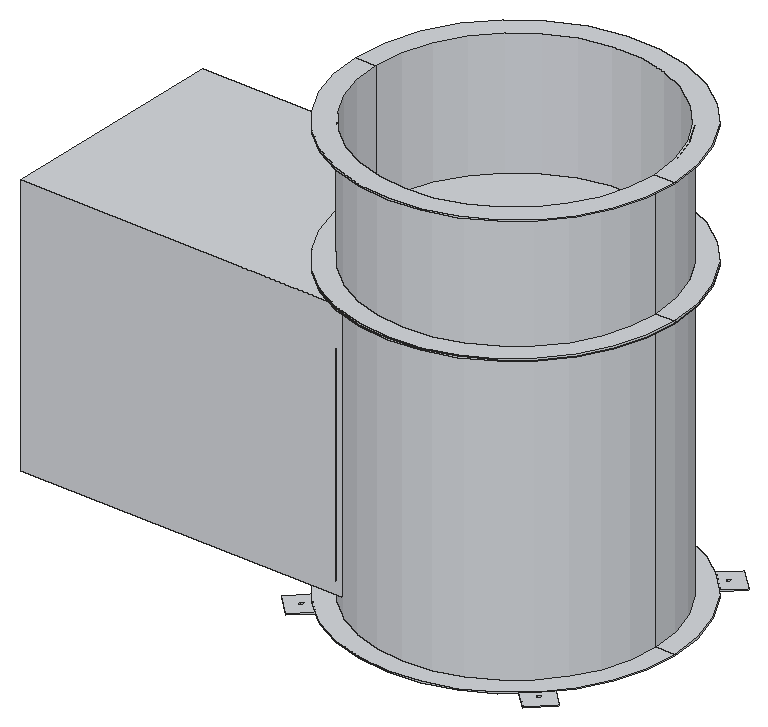
Revit family "AFBV-H_Upblast_Floor_Mount", category Mechanical Equipment, Revit 2019
Family settings
  Round Connector Dimension = Use Radius
  Part Type = Normal
  Work Plane-Based = No
  Always vertical = Yes
  Cut with Voids When Loaded = No
  Shared = No
  Room Calculation Point = No
Parameters (values of type "28_AFBV-H_UPBLAST_FLOOR")
  VANE = 1' - 1"
  Unit Weight [instance] = ""
  ModelID [instance] = ""
  L/2 = L / 2  # 1' - 0 5/16"
  L = 2' - 0 5/8"
  K/2 = K / 2  # 0' - 0 3/16"
  K = 0' - 0 3/8"
  J/2 = J / 2  # 1' - 5 13/32"
  Accessories [instance] = ""
  45 = 45.00°  # constant formula
  (L-1")/2 = (L - 0' 1") / 2  # 0' - 11 13/16"
  (J+(J-A))/2 = (J + ((J - A) / 2)) / 2  # 1' - 6 57/64"
  J = 2' - 10 13/16"
  CENTER = 0' - 0"  # constant formula
  H-(A/2) = H - (A / 2)  # 2' - 3 7/16"
  H+J = H + CENTER  # 3' - 5 7/8"
  H = 3' - 5 7/8"
  Sones [instance] = ""
  Motor RPM [instance] = ""
  Motor Enclosure [instance] = ""
  LwA [instance] = ""
  G = 6' - 0"
  Fan RPM [instance] = ""
  F/2 = F / 2  # 0' - 0 7/32"
  F = 0' - 0 7/16"
  E/2 = E / 2  # 1' - 3 1/2"
  E-2" = E - 0' 2"  # 2' - 5"
  E = 2' - 7"
  C/2+J = C / 2 + CENTER  # 1' - 3 7/16"
  C/2 = C / 2  # 1' - 3 7/16"
  C = 2' - 6 7/8"
  B/2 = B / 2  # 1' - 4 9/16"
  B = 2' - 9 1/8"
  A/3 = A / 2.5  # 0' - 11.55"
  A/2 = A / 2  # 1' - 2 7/16"
  A = 2' - 4 7/8"
  60 = 60.00°  # constant formula
  30 = 30.00°  # constant formula
  3" = 0' - 3"  # constant formula
  Brake Hp [instance] = ""
  4" = 0' - 4"  # constant formula
  2' = 2' - 0"
  2" = 0' - 2"  # constant formula
  1" = 0' - 1"  # constant formula
  0 = 0' - 0"  # constant formula
  Voltage [instance] = 0 V
  URL = "www.lorencook.com"
  Type Comments = "Tube Axial Fan Upblast Floor Mount High Temperature Construction Belt Drive Arrangement 9"  # constant formula
  Static Pressure [instance] = 0.00 in-wg
  Power [instance] = Voltage * Motor FLA * sqrt(if(Phase = 3, 3, 1))  # 0 VA
  Phase [instance] = 0
  Number of Poles [instance] = 1
  Motor Hp [instance] = "0"
  Motor FLA [instance] = 0 A
  Model = "AFBV-H"  # constant formula
  Manufacturer = "Loren Cook Company"
  CFM [instance] = 0 CFM
  1.5 = 0' - 1 1/2"  # constant formula
  ONE EIGTH = 0' - 0 1/8"  # constant formula
  -E/2 = -E / 2  # -1' - 3 1/2"
  -(E-.25")/2 = -(E - 0' 0 1/4") / 2  # -1' - 3 3/8"
  (K/2)-((J-A-.25")/2) = (K / 2) - ((J - A - 0' 0 1/4") / 2)  # -0' - 2 21/32"
  (J-A-.25") = (J - A - 0' 0 1/4")  # 0' - 5 11/16"
  (H-(A/2))/2 = (H - (A / 2)) / 2  # 1' - 1 23/32"
  (E-.25")/2 = (E - 0' 0 1/4") / 2  # 1' - 3 3/8"
  (A+.25")/2 = (A + 0' 0 1/4") / 2  # 1' - 2 9/16"
Types (10): name | VANE | L/2 | L | K/2 | K | J/2 | (L-1")/2 | (J+(J-A))/2 | J | H-(A/2) | H+J | H | F/2 | F | E/2 | E-2" | E | C/2+J | C/2 | C | B/2 | B | A/3 | A/2 | A | -E/2 | -(E-.25")/2 | (K/2)-((J-A-.25")/2) | (J-A-.25") | (H-(A/2))/2 | (E-.25")/2 | (A+.25")/2
  (no name) | 1' - 1" | 1' - 0 5/16" | 2' - 0 5/8" | 0' - 0 3/16" | 0' - 0 3/8" | 1' - 5 13/32" | 0' - 11 13/16" | 1' - 6 57/64" | 2' - 10 13/16" | 2' - 3 7/16" | 3' - 5 7/8" | 3' - 5 7/8" | 0' - 0 7/32" | 0' - 0 7/16" | 1' - 3 1/2" | 2' - 5" | 2' - 7" | 1' - 3 7/16" | 1' - 3 7/16" | 2' - 6 7/8" | 1' - 4 9/16" | 2' - 9 1/8" | 0' - 11.55" | 1' - 2 7/16" | 2' - 4 7/8" | -1' - 3 1/2" | -1' - 3 3/8" | -0' - 2 21/32" | 0' - 5 11/16" | 1' - 1 23/32" | 1' - 3 3/8" | 1' - 2 9/16"
  12_AFBV-H_UPBLAST_FLOOR | 0' - 6" | 0' - 6 3/8" | 1' - 0 3/4" | 0' - 0 3/16" | 0' - 0 3/8" | 0' - 9 1/32" | 0' - 5 7/8" | 0' - 10 21/64" | 1' - 6 1/16" | 1' - 6 3/16" | 2' - 0 5/8" | 2' - 0 5/8" | 0' - 0 5/32" | 0' - 0 5/16" | 0' - 11" | 1' - 8" | 1' - 10" | 0' - 7 5/16" | 0' - 7 5/16" | 1' - 2 5/8" | 0' - 7 13/16" | 1' - 3 5/8" | 0' - 5.15" | 0' - 6 7/16" | 1' - 0 7/8" | -0' - 11" | -0' - 10 7/8" | -0' - 2 9/32" | 0' - 4 15/16" | 0' - 9 3/32" | 0' - 10 7/8" | 0' - 6 9/16"
  16_AFBV-H_UPBLAST_FLOOR | 0' - 10" | 0' - 7 13/16" | 1' - 3 5/8" | 0' - 0 3/16" | 0' - 0 3/8" | 0' - 11 1/32" | 0' - 7 5/16" | 1' - 0 21/64" | 1' - 10 1/16" | 1' - 9 11/16" | 2' - 6 1/8" | 2' - 6 1/8" | 0' - 0 5/32" | 0' - 0 5/16" | 1' - 0 1/2" | 1' - 11" | 2' - 1" | 0' - 9 5/16" | 0' - 9 5/16" | 1' - 6 5/8" | 0' - 9 13/16" | 1' - 7 5/8" | 0' - 6 3/4" | 0' - 8 7/16" | 1' - 4 7/8" | -1' - 0 1/2" | -1' - 0 3/8" | -0' - 2 9/32" | 0' - 4 15/16" | 0' - 10 27/32" | 1' - 0 3/8" | 0' - 8 9/16"
  18_AFBV-H_UPBLAST_FLOOR | 0' - 11" | 0' - 8 1/2" | 1' - 5" | 0' - 0 3/16" | 0' - 0 3/8" | 1' - 0 1/32" | 0' - 8" | 1' - 1 21/64" | 2' - 0 1/16" | 1' - 9 11/16" | 2' - 7 1/8" | 2' - 7 1/8" | 0' - 0 5/32" | 0' - 0 5/16" | 1' - 0 1/2" | 1' - 11" | 2' - 1" | 0' - 10 5/16" | 0' - 10 5/16" | 1' - 8 5/8" | 0' - 10 13/16" | 1' - 9 5/8" | 0' - 7.55" | 0' - 9 7/16" | 1' - 6 7/8" | -1' - 0 1/2" | -1' - 0 3/8" | -0' - 2 9/32" | 0' - 4 15/16" | 0' - 10 27/32" | 1' - 0 3/8" | 0' - 9 9/16"
  24_AFBV-H_UPBLAST_FLOOR | 1' - 1" | 0' - 10 7/8" | 1' - 9 3/4" | 0' - 0 3/16" | 0' - 0 3/8" | 1' - 3 13/32" | 0' - 10 3/8" | 1' - 4 57/64" | 2' - 6 13/16" | 2' - 3 7/16" | 3' - 3 7/8" | 3' - 3 7/8" | 0' - 0 7/32" | 0' - 0 7/16" | 1' - 3 1/2" | 2' - 5" | 2' - 7" | 1' - 1 7/16" | 1' - 1 7/16" | 2' - 2 7/8" | 1' - 2 9/16" | 2' - 5 1/8" | 0' - 9.95" | 1' - 0 7/16" | 2' - 0 7/8" | -1' - 3 1/2" | -1' - 3 3/8" | -0' - 2 21/32" | 0' - 5 11/16" | 1' - 1 23/32" | 1' - 3 3/8" | 1' - 0 9/16"
  28_AFBV-H_UPBLAST_FLOOR | 1' - 1" | 1' - 0 5/16" | 2' - 0 5/8" | 0' - 0 3/16" | 0' - 0 3/8" | 1' - 5 13/32" | 0' - 11 13/16" | 1' - 6 57/64" | 2' - 10 13/16" | 2' - 3 7/16" | 3' - 5 7/8" | 3' - 5 7/8" | 0' - 0 7/32" | 0' - 0 7/16" | 1' - 3 1/2" | 2' - 5" | 2' - 7" | 1' - 3 7/16" | 1' - 3 7/16" | 2' - 6 7/8" | 1' - 4 9/16" | 2' - 9 1/8" | 0' - 11.55" | 1' - 2 7/16" | 2' - 4 7/8" | -1' - 3 1/2" | -1' - 3 3/8" | -0' - 2 21/32" | 0' - 5 11/16" | 1' - 1 23/32" | 1' - 3 3/8" | 1' - 2 9/16"
  32_AFBV-H_UPBLAST_FLOOR | 1' - 3" | 1' - 2 1/8" | 2' - 4 1/4" | 0' - 0 7/32" | 0' - 0 7/16" | 1' - 7 31/32" | 1' - 1 5/8" | 1' - 9 45/64" | 3' - 3 15/16" | 2' - 4 3/4" | 3' - 9 1/4" | 3' - 9 1/4" | 0' - 0 7/32" | 0' - 0 7/16" | 1' - 5" | 2' - 8" | 2' - 10" | 1' - 5 1/2" | 1' - 5 1/2" | 2' - 11" | 1' - 6 5/8" | 3' - 1 1/4" | 1' - 1.2" | 1' - 4 1/2" | 2' - 9" | -1' - 5" | -1' - 4 7/8" | -0' - 3 1/8" | 0' - 6 11/16" | 1' - 2 3/8" | 1' - 4 7/8" | 1' - 4 5/8"
  36_AFBV-H_UPBLAST_FLOOR | 1' - 4" | 1' - 3 17/32" | 2' - 7 1/16" | 0' - 0 7/32" | 0' - 0 7/16" | 1' - 9 31/32" | 1' - 3 1/32" | 1' - 11 45/64" | 3' - 7 15/16" | 2' - 4 3/4" | 3' - 11 1/4" | 3' - 11 1/4" | 0' - 0 7/32" | 0' - 0 7/16" | 1' - 5" | 2' - 8" | 2' - 10" | 1' - 7 1/2" | 1' - 7 1/2" | 3' - 3" | 1' - 8 11/16" | 3' - 5 3/8" | 1' - 2.8" | 1' - 6 1/2" | 3' - 1" | -1' - 5" | -1' - 4 7/8" | -0' - 3 1/8" | 0' - 6 11/16" | 1' - 2 3/8" | 1' - 4 7/8" | 1' - 6 5/8"
  14_AFBV-H_UPBLAST_FLOOR | 0' - 8" | 0' - 7 3/32" | 1' - 2 3/16" | 0' - 0 3/16" | 0' - 0 3/8" | 0' - 10 1/32" | 0' - 6 19/32" | 0' - 11 21/64" | 1' - 8 1/16" | 1' - 6 3/16" | 2' - 1 5/8" | 2' - 1 5/8" | 0' - 0 5/32" | 0' - 0 5/16" | 0' - 11" | 1' - 8" | 1' - 10" | 0' - 8 5/16" | 0' - 8 5/16" | 1' - 4 5/8" | 0' - 8 27/32" | 1' - 5 11/16" | 0' - 5.95" | 0' - 7 7/16" | 1' - 2 7/8" | -0' - 11" | -0' - 10 7/8" | -0' - 2 9/32" | 0' - 4 15/16" | 0' - 9 3/32" | 0' - 10 7/8" | 0' - 7 9/16"
  20_AFBV-H_UPBLAST_FLOOR | 1' - 0" | 0' - 9 5/16" | 1' - 6 5/8" | 0' - 0 3/16" | 0' - 0 3/8" | 1' - 1 5/32" | 0' - 8 13/16" | 1' - 2 33/64" | 2' - 2 5/16" | 1' - 9 11/16" | 2' - 8 1/8" | 2' - 8 1/8" | 0' - 0 5/32" | 0' - 0 5/16" | 1' - 3 1/2" | 2' - 5" | 2' - 7" | 0' - 11 3/16" | 0' - 11 3/16" | 1' - 10 3/8" | 0' - 11 27/32" | 1' - 11 11/16" | 0' - 8.35" | 0' - 10 7/16" | 1' - 8 7/8" | -1' - 3 1/2" | -1' - 3 3/8" | -0' - 2 13/32" | 0' - 5 3/16" | 0' - 10 27/32" | 1' - 3 3/8" | 0' - 10 9/16"
Reference planes (in)
  plane 1 "Center (Front/Back)": y = 0
  plane 2: z = 0
  plane 3 "Center (Left/Right)": x = 0.40541
Forms (in)
  Revolve 1, solid
    sketch origin (0, 0, 0) x (1, 0, 0) y (0, 0, 1)
      loop
        line (0.40541, -15.5) -> (16.96791, -15.5) -> (16.96791, -15.375) -> (14.96791, -15.375) -> (14.96791, 15.375) -> (16.96791, 15.375) -> (16.96791, 15.5) -> (0.40541, 15.5) -> (0.40541, -15.5)
      axis (0.40541, -15.5) -> (0.40541, 15.5)
    angle from 0 to 360
  Extrusion 2, solid
    sketch origin (0.40541, 0, 15.375) x (1, 0, 0) y (0, -1, 0)
      loop
        arc (-8.51653, -11.8125) -> (-14.5625, 0) -> (-8.51653, 11.8125) r 14.5625
        line (-8.51653, 11.8125) -> (-41.875, 11.8125) -> (-41.875, -11.8125) -> (-8.51653, -11.8125)
    from 29 <- "E-2"" to 2
  Extrusion 3, void
    sketch origin (0, 0, 0) x (1, 0, 0) y (0, 1, 0)
      loop
        circle (0.40541, 0) r 0.125
    from -15.5 <- "-E/2" to 15.5 <- "E/2"
  Extrusion 4, solid
    sketch origin (0.40541, 0, -15.375) x (1, 0, 0) y (0, 1, 0)
      loop
        arc (-12.25485, 14.37617) -> (-13.35769, 13.35769) -> (-14.37617, 12.25485) r 18.89063
        line (-14.37617, 12.25485) -> (-12.72399, 10.60267)
        arc (-12.72399, 10.60267) -> (-11.71146, 11.71146) -> (-10.60267, 12.72399) r 16.5625
        line (-10.60267, 12.72399) -> (-12.25485, 14.37617)
      loop
        arc (12.25485, -14.37617) -> (13.35769, -13.35769) -> (14.37617, -12.25485) r 18.89063
        line (14.37617, -12.25485) -> (12.72399, -10.60267)
        arc (12.72399, -10.60267) -> (11.71146, -11.71146) -> (10.60267, -12.72399) r 16.5625
        line (10.60267, -12.72399) -> (12.25485, -14.37617)
      loop
        arc (-14.37617, -12.25485) -> (-13.35769, -13.35769) -> (-12.25485, -14.37617) r 18.89063
        line (-12.25485, -14.37617) -> (-10.60267, -12.72399)
        arc (-10.60267, -12.72399) -> (-11.71146, -11.71146) -> (-12.72399, -10.60267) r 16.5625
        line (-12.72399, -10.60267) -> (-14.37617, -12.25485)
      loop
        arc (14.37617, 12.25485) -> (13.35769, 13.35769) -> (12.25485, 14.37617) r 18.89063
        line (12.25485, 14.37617) -> (10.60267, 12.72399)
        arc (10.60267, 12.72399) -> (11.71146, 11.71146) -> (12.72399, 10.60267) r 16.5625
        line (12.72399, 10.60267) -> (14.37617, 12.25485)
    from 0 to -0.125
  Extrusion 5, void
    sketch origin (0, 0, 0) x (1, 0, 0) y (0, 1, 0)
      loop
        circle (12.71791, 12.3125) r 0.1875
      loop
        circle (-11.90709, 12.3125) r 0.1875
      loop
        circle (-11.90709, -12.3125) r 0.1875
      loop
        circle (12.71791, -12.3125) r 0.1875
    from 15.5 <- "E/2" to -15.5 <- "-E/2"
  Revolve 6, solid
    sketch origin (0, 0, 0) x (1, 0, 0) y (0, 0, 1)
      loop
        line (16.96791, 15.5) -> (16.96791, 15.625) -> (14.96791, 15.625) -> (14.96791, 28.375) -> (16.96791, 28.375) -> (16.96791, 28.5) -> (14.84291, 28.5) -> (14.84291, 15.5) -> (16.96791, 15.5)
      axis (0.40541, 15.5) -> (0.40541, 28.5)
    angle from 0 to 360
Cuts and joins
  Extrusion 3, Extrusion 5 cuts Revolve 1
  Extrusion 3, Extrusion 5 cuts Extrusion 2
  Extrusion 5 cuts Extrusion 4
Dimensions and locks (in)
  "0": Revolve 1 sketch curve to plane 3 "Center (Left/Right)"  (x2)
  "(A+.25")/2": Revolve 1 sketch curve to plane 3 "Center (Left/Right)"
  "B/2": Revolve 1 sketch curve to plane 3 "Center (Left/Right)"  (x2)
  "ONE EIGTH": Revolve 1 sketch curve to Revolve 1 sketch curve  (x2)
  "E": Revolve 1 sketch curve to Revolve 1 sketch curve
  "E/2": level to Revolve 1 sketch curve
  "H": Extrusion 2 sketch curve to plane 3 "Center (Left/Right)"
  "(L-1")/2": Extrusion 2 sketch curve to plane 1 "Center (Front/Back)"  (x2)
  "0": Extrusion 2 sketch curve to plane 3 "Center (Left/Right)"
  "0": Extrusion 2 sketch curve to plane 1 "Center (Front/Back)"
  "0": Extrusion 3 sketch curve to plane 3 "Center (Left/Right)"
  "0": plane 1 "Center (Front/Back)" to Extrusion 3 sketch curve
  "0": Extrusion 4 sketch curve to plane 3 "Center (Left/Right)"  (x8)
  "0": Extrusion 4 sketch curve to plane 1 "Center (Front/Back)"  (x8)
  "1.5": plane 3 "Center (Left/Right)" to Extrusion 4 sketch curve  (x3)
  "3"": Extrusion 4 sketch curve to Extrusion 4 sketch curve  (x4)
  "1.5": Extrusion 4 sketch curve to plane 3 "Center (Left/Right)"
  "L/2": plane 3 "Center (Left/Right)" to Extrusion 5 sketch curve  (x4)
  "L/2": plane 1 "Center (Front/Back)" to Extrusion 5 sketch curve  (x4)
  "0": Revolve 6 sketch curve to plane 3 "Center (Left/Right)"
  "B/2": Revolve 6 sketch curve to plane 3 "Center (Left/Right)"  (x2)
  "(A+.25")/2": plane 3 "Center (Left/Right)" to Revolve 6 sketch curve
  "ONE EIGTH": Revolve 6 sketch curve to Revolve 6 sketch curve  (x3)
  "0": Revolve 6 sketch curve to cut or joined group of Revolve 1, Extrusion 3, Extrusion 5
  "VANE": Revolve 6 sketch curve to Revolve 6 sketch curve
  "(A+.25")/2": radius of Extrusion 2 sketch curve
  "ONE EIGTH": radius of Extrusion 3 sketch curve
  "(J+(J-A))/2": radius of Extrusion 4 sketch curve  (x4)
  "B/2": radius of Extrusion 4 sketch curve  (x4)
  "K/2": radius of Extrusion 5 sketch curve  (x4)
  "45": angle Extrusion 4 sketch curve to plane 3 "Center (Left/Right)"
  "45": angle Extrusion 4 sketch curve to plane 1 "Center (Front/Back)"  (x2)
  "45": angle plane 1 "Center (Front/Back)" to Extrusion 4 sketch curve
Automatic sketch dimensions
  Revolve 1 sketch curve to Revolve 1 sketch curve = 0' - 0"
  Revolve 1 sketch curve to Revolve 1 sketch curve = 1' - 6"
  Extrusion 2 sketch curve to Extrusion 2 sketch curve = 0' - 0"
  Revolve 6 sketch curve to Revolve 6 sketch curve = 0' - 8"
  Revolve 6 sketch curve to Revolve 6 sketch curve = 0' - 10"
Connectors (in)
  electrical at (-24.79035, -11.8125, -0.125)
    settings: on Extrusion 2, index 1, voltage 0 V, apparent load 0 VA, apparent load phase1 0 VA, apparent load phase2 0 VA, apparent load phase3 0 VA, power factor 1, load classification "Other", number of poles 1, system type 30, power factor state 1, is connector primary yes, connector utility no, sub classification motor no, connector description ""
  hvac at (0.40541, 0, -15.5), driven by "A/2"
    settings: on cut or joined group of Revolve 1, Extrusion 3, Extrusion 5, index 4, duct flow 0 CFM, flow factor 0, pres drop 0.00 in-wg, loss coef 0, conn angle 0.00°, conn width 12", conn height 12", conn diameter 28 7/8", duct sys type 29, conn prof type 0, flow config 0, flow direction 1, loss method 0, conn ref index -1, conn util no, is conn primary yes, conn desc ""
  hvac at (0.40541, 0, 28.5), driven by "A/2"
    settings: on Revolve 6, index 5, duct flow 0 CFM, flow factor 0, pres drop 0.00 in-wg, loss coef 0, conn angle 0.00°, conn width 12", conn height 12", conn diameter 28 7/8", duct sys type 29, conn prof type 0, flow config 0, flow direction 2, loss method 0, conn ref index -1, conn util no, is conn primary no, conn desc ""
